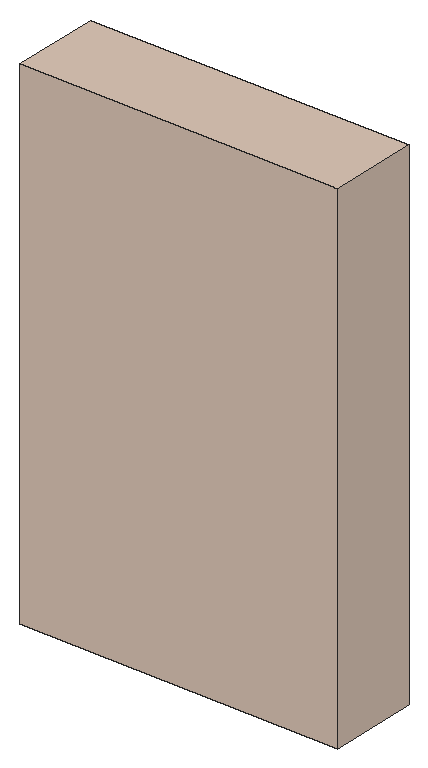
Revit family "Niche_NobleCompany_302", category Generic Models, host Wall, Revit 2017
Family settings
  Host = Wall
  Can host rebar = No
  Round Connector Dimension = Use Diameter
  Part Type = Normal
  Always vertical = Yes
  Cut with Voids When Loaded = No
  Shared = No
  Room Calculation Point = No
Parameters (values of type "302 Arched")
  Width = 1' - 2 1/4"
  URL = "www.noblecompany.com"
  Tile Thickness [instance] = 0' - 0 1/4"
  Thickness = 0' - 1 1/8"
  Specification = ""
  Sales Information = "http://noblecompany.com/contact/"
  Revision = "R1_09-2016"
  Product Properties = "http://noblecompany.com/products/noble-niches"
  Product Data = "http://www.arcat.com/arcatcos/cos34/arc34489.html"
  Niche Material = Acrylic Polymer Finish
  Model = "302"
  Manufacturer Website = "www.noblecompany.com"
  Manufacturer Phone - Toll Free = "800-878-5788"
  Manufacturer Phone = "231-799-8000"
  Manufacturer Fax = "231-799-8850"
  Manufacturer Address = "P. O. Box 350, Grand Haven, MI 49417-0350"
  Manufacturer = "Noble Company"
  Keynote = "10 28 00"
  Installation-Fabrication = "http://noblecompany.com/storage/docs/resources/NN062016-13_Noble_Niche_Installation_Instruction.pdf"
  Instal Height [instance] = 5' - 0"
  Height = 1' - 10 1/2"
  Drawn By = "Sumex Design - Robert S Weygant"
  Description = "302 Arched Niche"
  Depth = 0' - 4"
  Copyright = "� 2016 ARCAT Inc."
  Construction Details = ""
  Assembly Code = "D2010700"
Reference planes (in)
  plane 1: y = 0
  plane 2 "Center (Left/Right)": x = 0
  plane 3 "Wall Edge": y = 3
  plane 4: x = -7.125
  plane 5: y = 2.75
  plane 6: y = -1.25
  plane 7: x = 7.125
  plane 8: z = 60
  plane 9: z = 37.5
  plane 10: x = -6
  plane 11: x = 6
  plane 12: y = -0.75
  plane 13: z = 38.75
  plane 14: z = 58.875
Forms (in)
  Extrusion 1, void
    sketch origin (0, 0, 0) x (1, 0, 0) y (0, 1, 0)
      loop
        line (-7.125, 2.75) -> (-7.125, -1.25) -> (7.125, -1.25) -> (7.125, 2.75) -> (-7.125, 2.75)
    from 37.5 to 60
  Extrusion 2, solid, material "Acrylic Polymer Finish" <- "Niche Material"
    sketch origin (0, 0, 0) x (1, 0, 0) y (0, 1, 0)
      loop
        line (-7.125, 2.75) -> (-7.125, -1.25) -> (7.125, -1.25) -> (7.125, 2.75) -> (-7.125, 2.75)
    from 37.5 to 60
  Extrusion 3, void
    sketch origin (0, 3, 0) x (1, 0, 0) y (0, 0, 1)
      loop
        line (6, 38.75) -> (6, 52.625) -> (0, 58.875) -> (-6, 52.625) -> (-6, 38.75) -> (6, 38.75)
    from 0 to 3.75
Cuts and joins
  Extrusion 3 cuts Extrusion 2
Text (in)
  text "Placement Side" at (0, 40.15149, 123.01588), in view "Right"
  text "Placement Side" at (-105.78919, 39.84311, 0), in view "Ref. Level"
  text "Placement Side" at (0, 81.62555, 140.59947), in view "Left"
Dimensions and locks (in)
  host wall to plane 3 "Wall Edge" = 0' - 0"
  equal spacing: plane 4, plane 2 "Center (Left/Right)", plane 7
  "Width": plane 4 to plane 7
  "Depth": plane 5 to plane 6
  "Height": plane 9 to plane 8
  "Instal Height": level to plane 8
  locked: plane 12 to plane 6 at 0.5
  locked: plane 4 to plane 10 at 1.125
  locked: plane 11 to plane 7 at 1.125
  "Thickness": plane 14 to plane 8
  plane 9 to plane 13 = 0' - 1 1/4"
  plane 9 to Extrusion 3 sketch curve = 1' - 3 1/8"  (x2)
  host wall to plane 5 = 0' - 0 1/4"
  "Tile Thickness": plane 5 to plane 3 "Wall Edge"
  aligned and locked: Extrusion 1 sketch curve to plane 5
  aligned and locked: plane 4 to Extrusion 1 sketch curve
  aligned and locked: plane 6 to Extrusion 1 sketch curve
  aligned and locked: plane 7 to Extrusion 1 sketch curve
  aligned and locked: plane 8 to Extrusion 1
  aligned and locked: Extrusion 1 to plane 9
  aligned and locked: Extrusion 2 sketch curve to plane 5
  aligned and locked: plane 4 to Extrusion 2 sketch curve
  aligned and locked: plane 6 to Extrusion 2 sketch curve
  aligned and locked: plane 7 to Extrusion 2 sketch curve
  aligned and locked: plane 8 to Extrusion 2
  aligned and locked: Extrusion 2 to plane 9
  aligned and locked: plane 11 to Extrusion 3 sketch curve
  aligned and locked: plane 10 to Extrusion 3 sketch curve
  aligned and locked: Extrusion 3 to plane 12
  aligned and locked: Extrusion 3 sketch curve to plane 13
  aligned and locked: Extrusion 3 to plane 3 "Wall Edge"
  aligned and locked: plane 3 "Wall Edge" to host wall
Automatic sketch dimensions
  Extrusion 3 sketch curve to plane 2 "Center (Left/Right)" = 0' - 0"
  Extrusion 3 sketch curve to plane 14 = 0' - 0"
